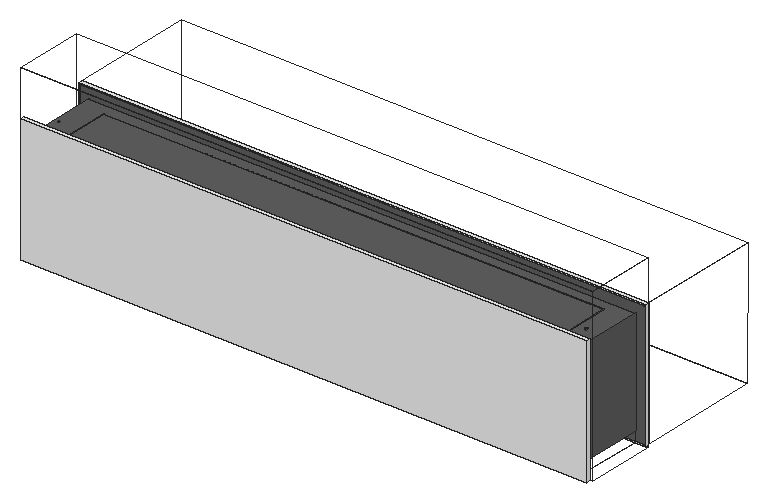
Revit family "AIRTECNICS_AIR CURTAIN_ZEN_DX-VRF_(LG)123", category Mechanical Equipment, Revit 2016
Family settings
  Part Type = Normal
  Round Connector Dimension = Use Diameter
  OmniClass Number = 23.75.70.21.17
  OmniClass Title = Air Curtains
  Work Plane-Based = No
  Always vertical = Yes
  Cut with Voids When Loaded = No
  Shared = No
  Room Calculation Point = No
Parameters (values of type "ZEN ECG 2000 DX/VRF-LG")
  · POSITION · [instance] = "-/ Select Curtain Position /-"  # constant formula
  · PIPES POSITION · [instance] = "-/ Select Pipes Position /-"  # constant formula
  · OTHERS · [instance] = "-/ Select Supports - Inst.Maint. Space /-"  # constant formula
  · HEATING · [instance] = "-/ Select Heating /-"  # constant formula
  · EXTERNAL UNIT · [instance] = "-/ Select External Unit Type /-"  # constant formula
  · COIL ROWS · [instance] = "-/ Select DX Coil Rows /-"  # constant formula
  Weight [instance] = size_lookup(Name_Lookup_Data, "Weight", 1.00 kg, COD)  # 78.00 kg
  Voltage = 230 V  # constant formula
  URL_Manufacturer = "https://www.airtecnics.com/"
  URL_Datasheet = "https://www.airtecnics.com/download/file/5878/zen-dx-lg-1-1-and-vrf.pdf"
  Triple Phase (External Ut.) [instance] = yes
  Supports Length [instance] = 0.0 mm
  Supports (Horizontal) [instance] = if(and(Horizontal, Supports Length > 0.0 mm), 1 = 1, 1 = 0)  # no
  Single Phase (External Ut.) [instance] = not([Triple Phase (External Ut.)])  # no
  Revit Version = "Revit 2016 - English"  # constant formula
  Review Date = "10/2018"  # constant formula
  Remote Control = "-"  # constant formula
  URL = "https://www.airtecnics.com/products/heat-pump-air-curtain-zen-dx-for-lg"
  Refrigerant Pipes_P4 [instance] = no
  Refrigerant Pipes_P3 [instance] = no
  Refrigerant Pipes_P2 [instance] = if(or(Refrigerant Pipes_P1, Refrigerant Pipes_P3, Refrigerant Pipes_P4), 1 = 0, 1 = 1)  # yes
  Refrigerant Pipes_P1 [instance] = no
  REF [instance] = if(DX 1:1, 1, 0) + if(L = 1000.0 mm, 10, 0) + if(L = 1500.0 mm, 20, 0) + if(L = 2000.0 mm, 40, 0) + if(L = 2500.0 mm, 80, 0) + if([DX Coil Rows = 3], 100, 0) + if([Triple Phase (External Ut.)], 1000, 0)  # 1041
  Product Size = if(L = 1000.0 mm, "1000", if(L = 1500.0 mm, "1500", if(L = 2000.0 mm, "2000", "2500")))  # "2000"
  Product Reference [instance] = size_lookup(Name_Lookup_Ref, "", "Consult Manufacturer", COD)  # "ZEN ECG 2000 DX22-LG"
  Product Heating [instance] = if(DX 1:1, "Direct Expansion 1:1 system", "Direct Expansion VRF system")  # "Direct Expansion 1:1 system"
  Product Description [instance] = size_lookup(Name_Lookup_Data, "", "Consult Manufacturer", COD)  # "Decorative energy saving heat pump air curtain in contemporary architectural style: Up to 70% reduction in costs and CO2 emissions (heating mode).\r\nIts minimalist and smart design integrates in any environment and offers infinite options to customize.\r\nThe panels can include logos, lighting, signage, safety or information signs, graphics, pictures, clocks, all according to customer specifications.\r\nFront anodized aluminium panels. Optionally manufactured in brushed or mirror polished stainless steel. Other materials are possible, such as galvanized steel, smooth or texturated skinplate, wood, etc.\r\nCentral structure made of galvanized steel finished in black forge as standard. Other colours are available on request. \r\nAnodized aluminium outlet vanes, airfoil shaped, adjustable in both directions.\r\nDouble-inlet centrifugal fans driven by an external rotor motor and low noise level. 5-speed selector. EC models assembled with very low consumption efficiency fans. \r\nIncludes only heating direct expansion coil with installed temperature sensors.\r\nPlug&Play control panel CS-5DX-NE slave DX with 5 speeds selector and 7m telephone cable included.\r\nReady to connect to LG Inverter outdoor heat pump unit (R410A) with expansion valve, not included, the customer should purchase it.\r\nRequires PAHCMRA000 LG DX Interface KIT adapted for air curtain and PREMTB001 programmable control, please consult.\r\nAir Volume: 4380 m3/h \r\nFans:  0,426 kW  3,72 A 230Vx1 50/60Hz\r\nHeating capacity: 22,40 kW\r\nDimensions: 291x473x2120 mm (depth, height, length)\r\nNOT SUPPLIED BY AIRTÈCNICS:\r\nPAHCMRA000 Interface DX kit and PREMTB001 programmable control.\r\nExternal unit:\r\n UU70W U34External unit with direct expansion valve LG, triple phase motor 400Vx3 50Hz.\r\nHeating capacity 22,4kW. Heating power: 6,4kW. COP 3,5.\r\nCooling capacity 19kW. Cooling power 6,69kW. EER 2,84.\r\nCooling circuits 1\" - 3/8\".\r\nMinimum length 5m.\r\nMaximum length 75m.\r\nDesnivell màxim 30m."
  Power Fans Factor [instance] = 0.5  # constant formula
  Power Fans [instance] = size_lookup(Name_Lookup_Data, "Power Fans", 1 kW, COD)  # 0.426 kW
  Noise Level (dB(A)) [instance] = size_lookup(Name_Lookup_Data, "Noise Level (dB(A))", 1, COD)  # 63
  Name_Lookup_Ref_EU = "ZEN_(DX LG)_Ref-EU_Lookup"  # constant formula
  Name_Lookup_Ref = "ZEN_(DX LG)_Ref_Lookup"  # constant formula
  Name_Lookup_Data = "ZEN_(DX LG)_Data_Lookup"  # constant formula
  Model = "Air Curtain ZEN DX/VRF LG"  # constant formula
  Material Panels [instance] = AIRTECNICS_Alumium Anodized
  Material Grille = AIRTECNICS_Perforated_Black Forge
  Material Curtain [instance] = AIRTECNICS_Black Forge
  Mainfolds [instance] = if(and(L = 2500.0 mm, DX 1:1, [DX Coil Rows = 3]), "1'' & 3/8''", if(L = 2500.0 mm, "7/8'' & 1/2''", if(L = 2000.0 mm, "1'' & 3/8''", "5/8'' & 3/8''")))  # "1'' & 3/8''"
  Length = if(L = 1000.0 mm, 1220.0 mm, if(L = 1500.0 mm, 1620.0 mm, if(L = 2000.0 mm, 2120.0 mm, 2620.0 mm)))  # 2120.0 mm
  Height = 473.0 mm  # constant formula
  Gas Coil Volume [instance] = size_lookup(Name_Lookup_Data, "Gas Coil Volume", 1000.00 L, COD)  # 4.10 L
  G = 1 = 1  # yes
  Frequency = 50 Hz  # constant formula
  Fans Stage = 5  # constant formula
  Family Version = "1.0"  # constant formula
  External Ut. Reference [instance] = size_lookup(Name_Lookup_Ref_EU, "", "Consult Manufacturer", REF)  # "UU70W U34"
  Expansion Valve [instance] = if(DX VRF, "PRLK048A0", "Included on External Unit")  # "Included on External Unit"
  EC = 1 = 1  # yes
  Dn_Metric_Refrig_Liquid [instance] = if(and(L = 2500 mm, DX 1:1, [DX Coil Rows = 3]), 10 mm, if(L = 2500 mm, 15 mm, if(L = 2000 mm, 10 mm, 10 mm)))  # 10 mm
  Dn_Metric_Refrig_Gas [instance] = if(and(L = 2500 mm, DX 1:1, [DX Coil Rows = 3]), 25 mm, if(L = 2500 mm, 20 mm, if(L = 2000 mm, 20 mm, 16 mm)))  # 20 mm
  Depth = 291.0 mm  # constant formula
  DX VRF [instance] = no
  DX Kit [instance] = "PAHCMR000"  # constant formula
  DX Controller [instance] = "PREMTB001"  # constant formula
  DX Coil Rows = 4 [instance] = yes
  DX Coil Rows = 3 [instance] = if([DX Coil Rows = 4], 1 = 0, 1 = 1)  # no
  DX 1:1 [instance] = not(DX VRF)  # yes
  Current Fans [instance] = size_lookup(Name_Lookup_Data, "Current Fans", 1 A, COD)  # 3.72 A
  Created by = "BIMETRICAL"  # constant formula
  Control [instance] = "CS-5DX-NE"  # constant formula
  Capacity_Frig_Liquid [instance] = 0.0 L/s
  Capacity_Frig_Gas [instance] = 0.0 L/s
  Cable = "CB7"  # constant formula
  COD [instance] = if(DX 1:1, 1, 0) + if(L = 1000.0 mm, 10, 0) + if(L = 1500.0 mm, 20, 0) + if(L = 2000.0 mm, 40, 0) + if(L = 2500.0 mm, 80, 0) + if([DX Coil Rows = 3], 100, 0)  # 41
  Aspiration/Maintenance Space [instance] = yes
  Apparent Load [instance] = size_lookup(Name_Lookup_Data, "Apparent Load", 1 VA, COD)  # 852 VA
  Airflow [instance] = size_lookup(Name_Lookup_Data, "Airflow", 1 m³/h, COD)  # 4380 m³/h
  A [instance] = if(Horizontal, 236.5 mm, 0.0 mm)  # 236.5 mm
  L = 2000.0 mm
  Type Image = <None>
  IfcExportType = "DXCOOLINGCOIL"  # constant formula
  IfcExportAs = "IfcCoilType"  # constant formula
  Horizontal [instance] = 1 = 1  # yes
  Manufacturer = "AIRTECNICS"  # constant formula
  Description = ""
  Type Comments = "Decorative air curtain in contemporary architectural style. Its minimalist and smart design integrates in any environment and offers infinite options to customize.\r\nThe panels can include logos, lighting, signage, safety or information signs, graphics, pictures, clocks, all according to customer specifications.\r\nFront anodized aluminium panels. Optionally manufactured in brushed or mirror polished stainless steel. Other materials are possible, such as galvanized steel, smooth or texturated skinplate, wood, etc.\r\nCentral structure made of galvanized steel finished in black forge as standard. Other colours are available on request.\r\nAnodized aluminium outlet vanes, airfoil shaped, adjustable in both directions.\r\nDouble-inlet centrifugal fans driven by an external rotor motor and low noise level. 5-speed selector. EC models assembled with very low consumption efficiency fans.\r\n“P” type with water heated coil. “E” type with electrical shielded elements, three stages with integrated regulation. “A” type without heating, air only. Optional expansion DX coil.\r\nIncludes Plug&Play control with 7m RJ45 cable and infrared remote control. Optional: Clever control (programmable, automatic, intelligent, energy saving, Modbus RTU for BMS…)"  # constant formula
  BIMETRICAL Category = "Coil"  # constant formula
  BIMETRICAL = "http://www.bimetrical.com"  # constant formula
  Angle [instance] = if(Horizontal, 0.00°, 90.00°)  # 0.00°
Reference planes
  plane 1 "Centro (Frontal/Posterior)": z = 0
  plane 2: y = 246.57
  plane 3 "Centro (Izquierda/Derecha)": x = 0
  plane 4 "Susp": z = 236.5
Lines and regions (mm)
  reference lines
    curve 1: line (0, 246.57, 236.5) -> (-145, 246.57, 236.5)
Dimensions and locks
  locked: plane 2 to nested 1 at 145.5
  "A": plane 4 "Susp" to plane 1 "Centro (Frontal/Posterior)"
  "Angle": angle plane 4 "Susp" to curve 1
  aligned and locked: plane 3 "Centro (Izquierda/Derecha)" to curve 1
  aligned and locked: plane 4 "Susp" to curve 1
Nested families
  nested 1: "GEOM_ZEN_(DX)" at (0, 246.57, 236.5) x (0, 0, -1) z (1, 0, 0), type "GEOM_ZEN_(P)"
    with M 2066.5 mm, J 1014.0 mm, G 1022.0 mm, Dn_Metric_Refrig_Liquid 10 mm, COD 424, L 2000.0 mm, I 2044.0 mm, F 1990.0 mm, E 2120.0 mm, A 2015.0 mm
Connectors
  electrical at (-1007.5, 215.07, 433), driven by "Apparent Load", driven by "Voltage", driven by "Power Fans Factor", driven by "Apparent Load"
    settings: on nested 1, index 3, voltage 230 V, apparent load 852 VA, apparent load phase1 852 VA, apparent load phase2 0 VA, apparent load phase3 0 VA, power factor 0.5, load classification "HVAC", number of poles 1, system type 30, power factor state 1, is connector primary yes, connector utility no, sub classification motor no, connector description ""
  piping at (967, 155.07, 433), diameter 20, driven by "Dn_Metric_Refrig_Gas", driven by "Capacity_Frig_Gas"
    settings: on nested 1, index 4, connector inside diameter 609.6 mm, connector length 0.0 mm, flow factor 0, pipe flow 0.0 L/s, pressure drop 0.0 Pa, fitting loss kfactor 0, connector angle 0.00°, fixture units 0, engagement length 0.0 mm, angle of deflection 0.00°, flow configuration 1, flow direction 1, fitting loss method 0, system type 7, joint type 0, gender type 0, connector reference index -1, connector utility 0, adjustable connector no, is connector primary yes, connector description "In"
  piping at (967, 215.07, 433), diameter 10, driven by "Dn_Metric_Refrig_Liquid", driven by "Capacity_Frig_Liquid"
    settings: on nested 1, index 5, connector inside diameter 609.6 mm, connector length 0.0 mm, flow factor 0, pipe flow 0.0 L/s, pressure drop 0.0 Pa, fitting loss kfactor 0, connector angle 0.00°, fixture units 0, engagement length 0.0 mm, angle of deflection 0.00°, flow configuration 1, flow direction 2, fitting loss method 0, system type 8, joint type 0, gender type 0, connector reference index -1, connector utility 0, adjustable connector no, is connector primary no, connector description "Out"
Definition of nested family "GEOM_ZEN_(DX)"
  Parameters (values of type "GEOM_ZEN_(DX)")
    des.D = if(or(and(Vertical Right, V1), Horizontal), 361.0 mm, 0.0 mm)  # 361.0 mm
    des.C = if(or(and(Vertical Right, V1), Horizontal), 0.0 mm, 392.0 mm)  # 0.0 mm
    des.B = if(or(and(Vertical Right, V1), Horizontal), 0.0 mm, 298.3 mm)  # 0.0 mm
    Z = if(Horizontal, 0.0 mm, if(L = 1000.0 mm, E / 2 + 18.0 mm, E / 2 + 20.0 mm))  # 830.0 mm
    Vsup1 = if(and(Vsup, Horizontal, L_Sup > 0.0 mm), 1 = 1, 1 = 0)  # no
    Vsup = no
    Vs2 = if(L > 2000.0 mm, 1 = 1, 1 = 0)  # no
    Vs1 = if(L > 1000.0 mm, 1 = 1, 1 = 0)  # yes
    Vinst2 = if(or(Vinst1, not([Aspiration/Maintenance Space])), 1 = 0, 1 = 1)  # yes
    Vinst1 = if(and([Aspiration/Maintenance Space], V2), 1 = 1, 1 = 0)  # no
    Vertical Right = yes
    Vertical Left = if(Vertical Right, 1 = 0, 1 = 1)  # no
    Vertical = if(and(not(Horizontal), or(Vertical Right, Vertical Left)), 1 = 1, 1 = 0)  # yes
    V2 = if(Horizontal, 1 = 0, if(or(Horizontal, Vertical Left), 1 = 1, 1 = 0))  # no
    V1 = if(Horizontal, 1 = 1, if(and(Vertical Right, Vertical), 1 = 1, 1 = 0))  # yes
    Revit Version = "Revit 2016 - English"  # constant formula
    Review Date = "10/18"  # constant formula
    Refrigerant Pipes_P4 = no
    Refrigerant Pipes_P3 = no
    Refrigerant Pipes_P2 = yes
    Refrigerant Pipes_P1 = no
    O = if(L = 1000.0 mm, 54.5 mm, 52.5 mm)  # 52.5 mm
    Model = "ZEN DX"  # constant formula
    Material Perforated = none
    Material Panels = none
    Material Curtain = none
    Family Version = "2.0"  # constant formula
    Manufacturer = "AIRTECNICS"  # constant formula
    M = if(L = 1000.0 mm, L + 162.5 mm, L + 66.5 mm)  # 1566.5 mm
    Lookup_Dimensions.C2_Name = "C2_Dimensions_Lookup"  # constant formula
    Lookup_Dimensions.C1_Name = "C1_Dimensions_Lookup"  # constant formula
    L_Sup = 0.0 mm
    K = if(L = 2500.0 mm, 833.0 mm, 0.0 mm)  # 0.0 mm
    J = if(L = 1500.0 mm, 764.0 mm, if(L = 2000.0 mm, 1014.0 mm, if(L = 2500.0 mm, 847.0 mm, 573.5 mm)))  # 764.0 mm
    H = des.A + 51.0 mm  # 428.5 mm
    G = if(Vertical, I + 58.0 mm, F / 2 + 27.0 mm)  # 1602.0 mm
    Dn_Metric_Refrig_Liquid = 20 mm
    Dn_Metric_Refrig_Gas = 20 mm
    Created by = "BIMETRICAL"  # constant formula
    COD = if(and(Vertical Right, Vertical), 1, 0) + if(and(Vertical Left, Vertical), 2, 0) + if(Horizontal, 4, 0) + if(Refrigerant Pipes_P1, 10, 0) + if(Refrigerant Pipes_P2, 20, 0) + if(Refrigerant Pipes_P3, 40, 0) + if(Refrigerant Pipes_P4, 80, 0) + if(L = 1000.0 mm, 100, 0) + if(L = 1500.0 mm, 200, 0) + if(L = 2000.0 mm, 400, 0) + if(L = 2500.0 mm, 800, 0)  # 221
    C2_D = size_lookup(Lookup_Dimensions.C2_Name, "C2_D", 98.0 mm, COD)  # 98.0 mm
    C2_C = size_lookup(Lookup_Dimensions.C2_Name, "C2_C", 34.5 mm, COD)  # 34.5 mm
    C2_B = size_lookup(Lookup_Dimensions.C2_Name, "C2_B", 34.5 mm, COD)  # 34.5 mm
    C2_A = size_lookup(Lookup_Dimensions.C2_Name, "C2_A", 55.0 mm, COD)  # 55.0 mm
    C1_D = size_lookup(Lookup_Dimensions.C1_Name, "C1_D", 38.0 mm, COD)  # 38.0 mm
    C1_C = size_lookup(Lookup_Dimensions.C1_Name, "C1_C", 34.5 mm, COD)  # 34.5 mm
    C1_B = size_lookup(Lookup_Dimensions.C1_Name, "C1_B", 34.5 mm, COD)  # 34.5 mm
    C1_A = size_lookup(Lookup_Dimensions.C1_Name, "C1_A", 55.0 mm, COD)  # 55.0 mm
    L = 1500.0 mm
    des.A = if(or(and(Vertical Right, V1), Horizontal), 377.5 mm, 0.0 mm)  # 377.5 mm
    I = if(L = 1000.0 mm, L + 140.0 mm, L + 44.0 mm)  # 1544.0 mm
    Horizontal = no
    F = I - 54.0 mm  # 1490.0 mm
    E = if(L = 1000.0 mm, L + 220.0 mm, L + 120.0 mm)  # 1620.0 mm
    Default Elevation = 1219.2 mm
    BIMETRICAL = "http://www.bimetrical.com/"  # constant formula
    Aspiration/Maintenance Space = yes
    A.Conn_S = if(or(and(Vertical Right, V1), Horizontal), 180.00°, 0.00°)  # 180.00°
    A.Conn_E = if(or(and(Vertical Right, V1), Horizontal), 180.00°, 0.00°)  # 180.00°
    A.Conn_2 = size_lookup(Lookup_Dimensions.C2_Name, "A.Conn_2", 0.00°, COD)  # 0.00°
    A.Conn_1 = size_lookup(Lookup_Dimensions.C1_Name, "A.Conn_1", 0.00°, COD)  # 0.00°
    A = if(L = 1000.0 mm, L + 115.0 mm, L + 15.0 mm)  # 1515.0 mm
  Types (2, lengths in mm): name | Z | Vertical Right | Vertical Left | Vertical | G | COD | Horizontal
    GEOM_ZEN_(DX) | 830.0 | yes | no | yes | 1602.0 | 221 | no
    GEOM_ZEN_(P) | 0.0 | no | yes | no | 772.0 | 224 | yes
  Reference planes
    plane 1 "Centro (Frontal/Posterior)": y = 0
    plane 2: z = 0
    plane 3 "Centro (Izquierda/Derecha)": x = 0
    plane 4: z = 830
    plane 5: y = -73.25
    plane 6: x = -196.5
    plane 7: z = 1547
    plane 8 "TUBERIA 1": y = -91.5
    plane 9: z = 1602
    plane 10 "TUBERIA 2": x = -162
    plane 11: x = -196.5
    plane 12: y = -129.5
    plane 13: x = 181
    plane 14: x = 196.495
    plane 15: x = -162
    plane 16: z = 1547
    plane 17: y = -31.5
    plane 18: z = 2639.027
    plane 19: z = 20
    plane 20: z = 1639
    plane 21: z = 838
    plane 22: z = 838
    plane 23: z = 72.5
    plane 24: y = -31.5
    plane 25: y = -91.5
  Forms (mm)
    Extrusion 1, solid
      sketch origin (0, 0, 0) x (1, 0, 0) y (0, 1, 0)
        loop
          line (-1219.2, 1219.2) -> (-1219.2, -1219.2) -> (1219.2, -1219.2) -> (1219.2, 1219.2) -> (-1219.2, 1219.2)
      from 0 to -304.8
    Extrusion 2, solid, material <- "Material Panels"
      sketch origin (0, 0, 889.252) x (0, -1, 0) y (1, 0, 0)
        loop
          line (-145.5, 236.5) -> (-145.5, -236.5) -> (-129.5, -236.5) -> (-129.5, 236.5) -> (-145.5, 236.5)
        loop
          line (145.5, 236.5) -> (129.5, 236.5) -> (129.5, -236.5) -> (145.5, -236.5) -> (145.5, 236.5)
      from -869.252 to 750.748
    Extrusion 3, solid, material <- "Material Curtain"
      sketch origin (0, 0, 889.252) x (0, -1, 0) y (0, 0, 1)
        loop
          line (-129.5, 712.748) -> (-129.5, -831.252) -> (129.5, -831.252) -> (129.5, 712.748) -> (-129.5, 712.748)
      from -196.5 to 196.5
    Extrusion 4, void, detail levels medium+fine
      sketch origin (-64.7, -73.5, 0) x (1, 0, 0) y (0, 1, 0)
        loop
          line (261.195, -34.75) -> (261.195, 35.25) -> (245.7, 35.25) -> (245.7, -34.75) -> (261.195, -34.75)
      from 85 to 1575
    Extrusion 5, solid, visible <- "V1", detail levels medium+fine
      sketch origin (0, 0, 1310) x (0, -1, 0) y (-1, 0, 0)
        loop
          line (58.464, -173.27) -> (61.756, -192)
          arc (61.756, -192) -> (63.451, -193.452) -> (65.121, -191.97) r 1.698
          line (65.121, -191.97) -> (68.095, -172.627)
          arc (68.095, -172.627) -> (62.951, -168.018) -> (58.464, -173.27) r 4.828
        loop
          line (78.553, -172.822) -> (81.504, -192.726)
          arc (81.504, -192.726) -> (83.138, -193.439) -> (84.08, -191.926) r 1.363
          line (84.08, -191.926) -> (87.529, -172.626)
          arc (87.529, -172.626) -> (82.938, -168.001) -> (78.553, -172.822) r 4.495
      from -265 to 1225
    Extrusion 6, solid, visible <- "V2", detail levels medium+fine
      sketch origin (0, 0, 1310) x (0, 1, 0) y (1, 0, 0)
        loop
          arc (-58.774, -173.603) -> (-59.776, -170.312) -> (-62.811, -168.693) r 4.495
          line (-62.811, -168.693) -> (-63.684, -168.693)
          arc (-63.684, -168.693) -> (-66.482, -170.045) -> (-67.734, -172.889) r 4.495
          line (-67.734, -172.889) -> (-64.759, -192.231)
          arc (-64.759, -192.231) -> (-63.451, -193.452) -> (-62.062, -192.325) r 1.363
          line (-62.062, -192.325) -> (-58.774, -173.603)
        loop
          arc (-84.395, -192.262) -> (-83.058, -193.451) -> (-81.696, -192.291) r 1.363
          line (-81.696, -192.291) -> (-78.88, -173.603)
          arc (-78.88, -173.603) -> (-79.882, -170.312) -> (-82.917, -168.693) r 4.495
          line (-82.917, -168.693) -> (-83.79, -168.693)
          arc (-83.79, -168.693) -> (-86.614, -170.073) -> (-87.844, -172.966) r 4.495
          line (-87.844, -172.966) -> (-84.395, -192.262)
      from -265 to 1225
    Extrusion 7, solid, material <- "Material Curtain", visible <- "Vertical"
      sketch origin (-779.074, -4572, 1549) x (-1, 0, 0) y (0, -1, 0)
        loop
          line (-586.574, -4698.5) -> (-586.574, -4445.5) -> (-971.574, -4445.5) -> (-971.574, -4698.5) -> (-586.574, -4698.5)
      from -1491 to -1549
    Extrusion 8, void
      sketch origin (0, 0, 0) x (1, 0, 0) y (0, 1, 0)
        loop
          line (-235.5, -129.5) -> (-235.5, -130.5) -> (235.5, -130.5) -> (235.5, -129.5) -> (-235.5, -129.5)
        loop
          line (-235.5, 129.5) -> (235.5, 129.5) -> (235.5, 130.5) -> (-235.5, 130.5) -> (-235.5, 129.5)
      from 21.044 to 1639.012
    Extrusion 9, void, detail levels medium+fine
      sketch origin (0, -0.321, 0) x (0, 1, 0) y (0, 0, 1)
        loop
          line (-102.318, 1514.4) -> (-102.318, 145.6) -> (90.521, 145.6) -> (90.521, 1514.4) -> (-102.318, 1514.4)
      from -101.8 to -196.5
    Extrusion 10, solid, material <- "Material Perforated"
      sketch origin (-60, 0, 0) x (0, 1, 0) y (0, 0, 1)
        loop
          line (-102.639, 1514.4) -> (-102.639, 145.6) -> (90.2, 145.6) -> (90.2, 1514.4) -> (-102.639, 1514.4)
      from -136.5 to -135.5
    Extrusion 11, solid, detail levels medium+fine
      sketch origin (-64.7, -73.5, 1575) x (0, 1, 0) y (1, 0, 0)
        loop
          line (16.25, 261.2) -> (-15.75, 261.2) -> (-15.75, 229.2) -> (16.25, 229.2) -> (16.25, 261.2)
      from 0 to 3
    Extrusion 12, solid, detail levels medium+fine
      sketch origin (-64.7, -73.5, 85) x (1, 0, 0) y (0, 1, 0)
        loop
          line (229.2, 16.25) -> (229.2, -15.75) -> (261.2, -15.75) -> (261.2, 16.25) -> (229.2, 16.25)
      from 0 to 3
    Extrusion 13, solid, visible <- "Vs1", detail levels medium+fine
      sketch origin (0, -702.852, 838) x (0, -1, 0) y (1, 0, 0)
        loop
          line (-645.602, 164.5) -> (-613.602, 164.5) -> (-613.602, 196.5) -> (-645.602, 196.5) -> (-645.602, 164.5)
      from 0 to -3
    Extrusion 14, solid, material <- "Material Curtain", visible <- "Vs1", detail levels medium+fine
      sketch origin (0, -702.852, 835) x (1, 0, 0) y (0, -1, 0)
        loop
          line (196.5, -664.602) -> (196.5, -594.602) -> (164.5, -594.602) -> (164.5, -664.602) -> (196.5, -664.602)
      from 0 to 10
    Extrusion 15, solid, visible <- "Vs1", detail levels medium+fine
      sketch origin (0, -702.852, 825) x (0, 1, 0) y (1, 0, 0)
        loop
          line (645.602, 164.5) -> (645.602, 196.5) -> (613.602, 196.5) -> (613.602, 164.5) -> (645.602, 164.5)
      from 0 to 3
    Extrusion 16, solid, visible <- "Vs2", detail levels medium+fine
      sketch origin (0, -702.852, 838) x (0, -1, 0) y (1, 0, 0)
        loop
          line (-645.602, 164.5) -> (-613.602, 164.5) -> (-613.602, 196.5) -> (-645.602, 196.5) -> (-645.602, 164.5)
      from 0 to -3
    Extrusion 17, solid, material <- "Material Curtain", visible <- "Vs2", detail levels medium+fine
      sketch origin (0, -702.852, 835) x (1, 0, 0) y (0, -1, 0)
        loop
          line (164.5, -664.602) -> (196.5, -664.602) -> (196.5, -594.602) -> (164.5, -594.602) -> (164.5, -664.602)
      from 0 to 10
    Extrusion 18, solid, visible <- "Vs2", detail levels medium+fine
      sketch origin (0, -702.852, 825) x (0, 1, 0) y (1, 0, 0)
        loop
          line (645.602, 164.5) -> (645.602, 196.5) -> (613.602, 196.5) -> (613.602, 164.5) -> (645.602, 164.5)
      from 0 to 3
    Extrusion 19, solid, material <- "Material Curtain"
      sketch origin (-196.5, -31.5, 72.5) x (0, 0, 1) y (0, 1, 0)
        loop
          line (2.5, -2.5) -> (2.5, 2.5) -> (-2.5, 2.5) -> (-2.5, -2.5) -> (2.5, -2.5)
      from 0 to -1
    Extrusion 20, solid, visible <- "Vsup1"
      sketch origin (-196.5, -101, 1255.5) x (0, 0, 1) y (0, 1, 0)
        loop
          circle (332, 202) r 4
        loop
          circle (332, 0) r 4
        loop
          circle (-1183, 0) r 4
        loop
          circle (-1183, 202) r 4
      from -1 to 0
    Extrusion 21, solid, visible <- "Vinst2"
      sketch origin (0, -31.5, 92.379) x (0, 0, 1) y (1, 0, 0)
        loop
          line (1509.621, 236.5) -> (1509.621, -196.5) -> (-34.379, -196.5) -> (-34.379, 236.5) -> (-82.379, 236.5) -> (-82.379, -398.063) -> (1557.621, -398.063) -> (1557.621, 236.5) -> (1509.621, 236.5)
      from -98 to 161
    Extrusion 22, solid, visible <- "Vinst1"
      sketch origin (0, -31.5, 92.379) x (0, 0, 1) y (1, 0, 0)
        loop
          line (1509.621, -236.5) -> (1557.621, -236.5) -> (1557.621, 398.063) -> (-82.379, 398.063) -> (-82.379, -236.5) -> (-34.379, -236.5) -> (-34.379, 196.5) -> (1509.621, 196.5) -> (1509.621, -236.5)
      from -98 to 161
    Extrusion 23, solid, visible <- "Aspiration/Maintenance Space"
      sketch origin (0, 0, 1640) x (0, -1, 0) y (1, 0, 0)
        loop
          line (-129.5, 236.5) -> (-609.5, 236.5) -> (-609.5, -236.5) -> (-129.5, -236.5) -> (-129.5, 236.5)
      from 0 to -1620
    Extrusion 24, solid, material <- "Material Curtain"
      sketch origin (-196.5, -31.5, 1547) x (0, 1, 0) y (0, 0, -1)
        loop
          circle (0, 0) r 10
      from 0 to -1
    Extrusion 25, solid, material <- "Material Curtain"
      sketch origin (-196.5, -91.5, 1547) x (0, 1, 0) y (0, 0, -1)
        loop
          circle (0, 0) r 10
      from 0 to -1
    Extrusion 26, solid, material <- "Material Curtain"
      sketch origin (0, 0, 1639.012) x (0, 1, 0) y (1, 0, 0)
        loop
          line (130.5, 235.5) -> (129.5, 235.5) -> (129.5, -235.5) -> (130.5, -235.5) -> (130.5, 235.5)
        loop
          line (-129.5, 235.5) -> (-130.5, 235.5) -> (-130.5, -235.5) -> (-129.5, -235.5) -> (-129.5, 235.5)
      from 0 to 1617.967
  Cuts and joins
    Extrusion 4, Extrusion 8 cuts Extrusion 2
    Extrusion 4, Extrusion 9 cuts Extrusion 3
  Lines and regions (mm)
    reference lines
      curve 1: line (-162, -31.5, 1547) -> (-196.5, -31.5, 1547)
      curve 2: line (-196.5, -31.5, 72.5) -> (0, -31.5, 72.5)
      curve 3: line (-196.5, -101, 1255.5) -> (0, -101, 1255.5)
      curve 83: line (-162, -91.5, 1547) -> (-196.5, -91.5, 1547)
    symbolic lines
      curve 4: line (-236.5, 145.5, 1255.5) -> (236.5, 145.5, 1255.5)
      curve 5: line (-236.5, 129.5, 1255.5) -> (-236.5, 145.5, 1255.5)
      curve 6: line (236.5, 129.5, 1255.5) -> (-236.5, 129.5, 1255.5)
      curve 7: line (236.5, 145.5, 1255.5) -> (236.5, 129.5, 1255.5)
      curve 8: line (-196.5, 129.5, 1255.5) -> (196.5, 129.5, 1255.5)
      curve 9: line (-196.5, -129.5, 1255.5) -> (-196.5, 129.5, 1255.5)
      curve 10: line (196.5, -129.5, 1255.5) -> (-196.5, -129.5, 1255.5)
      curve 11: line (196.5, 129.5, 1255.5) -> (196.5, -129.5, 1255.5)
      curve 12: line (-236.5, -145.5, 1255.5) -> (236.5, -145.5, 1255.5)
      curve 13: line (-236.5, -129.5, 1255.5) -> (-236.5, -145.5, 1255.5)
      curve 14: line (236.5, -129.5, 1255.5) -> (-236.5, -129.5, 1255.5)
      curve 15: line (236.5, -145.5, 1255.5) -> (236.5, -129.5, 1255.5)
      curve 16: line (0, 145.5, 1640) -> (0, 129.5, 1640)
      curve 17: line (0, 145.5, 20) -> (0, 145.5, 1640)
      curve 18: line (0, 129.5, 20) -> (0, 145.5, 20)
      curve 19: line (0, 129.5, 1640) -> (0, 129.5, 20)
      curve 20: line (0, -145.5, 1640) -> (0, -129.5, 1640)
      curve 21: line (0, -145.5, 20) -> (0, -145.5, 1640)
      curve 22: line (0, -129.5, 20) -> (0, -145.5, 20)
      curve 23: line (0, -129.5, 1640) -> (0, -129.5, 20)
      curve 24: line (0, -129.5, 1602) -> (0, 129.5, 1602)
      curve 25: line (0, -129.5, 58) -> (0, -129.5, 1602)
      curve 26: line (0, 129.5, 58) -> (0, -129.5, 58)
      curve 27: line (0, 129.5, 1602) -> (0, 129.5, 58)
      curve 70: line (0, -58.444, 1575) -> (0, -68.095, 1575)
      curve 71: line (0, -58.444, 85) -> (0, -58.444, 1575)
      curve 72: line (0, -68.095, 85) -> (0, -58.444, 85)
      curve 73: line (0, -68.095, 1575) -> (0, -68.095, 85)
      curve 74: line (0, -78.541, 1575) -> (0, -87.838, 1575)
      curve 75: line (0, -78.541, 85) -> (0, -78.541, 1575)
      curve 76: line (0, -87.838, 85) -> (0, -78.541, 85)
      curve 77: line (0, -87.838, 1575) -> (0, -87.838, 85)
    symbolic lines, visible <- "Vertical"
      curve 28: line (0, 126.5, 0) -> (0, -126.5, 0)
      curve 29: line (0, 126.5, 58) -> (0, 126.5, 0)
      curve 30: line (0, -126.5, 58) -> (0, 126.5, 58)
      curve 31: line (0, -126.5, 0) -> (0, -126.5, 58)
    symbolic lines, visible <- "Aspiration/Maintenance Space"
      curve 32: line (-236.5, 129.5, 1255.5) -> (236.5, 129.5, 1255.5)
      curve 33: line (-236.5, 609.5, 1255.5) -> (-236.5, 129.5, 1255.5)
      curve 34: line (236.5, 609.5, 1255.5) -> (-236.5, 609.5, 1255.5)
      curve 35: line (236.5, 129.5, 1255.5) -> (236.5, 609.5, 1255.5)
      curve 44: line (0, 129.5, 1640) -> (0, 609.5, 1640)
      curve 45: line (0, 129.5, 20) -> (0, 129.5, 1640)
      curve 46: line (0, 609.5, 20) -> (0, 129.5, 20)
      curve 47: line (0, 609.5, 1640) -> (0, 609.5, 20)
    symbolic lines, visible <- "Vinst1"
      curve 36: line (196.5, 129.5, 1255.5) -> (398.063, 129.5, 1255.5)
      curve 37: line (196.5, -129.5, 1255.5) -> (196.5, 129.5, 1255.5)
      curve 38: line (398.063, -129.5, 1255.5) -> (196.5, -129.5, 1255.5)
      curve 39: line (398.063, 129.5, 1255.5) -> (398.063, -129.5, 1255.5)
      curve 48: line (-236.5, -31.5, 1650) -> (398.063, -31.5, 1650)
      curve 49: line (398.063, -31.5, 1650) -> (398.063, -31.5, 10)
      curve 50: line (398.063, -31.5, 10) -> (-236.5, -31.5, 10)
      curve 84: line (-236.5, -91.5, 1640) -> (-236.5, -91.5, 1650)
      curve 85: line (-236.5, -91.5, 10) -> (-236.5, -91.5, 20)
    symbolic lines, visible <- "Vinst2"
      curve 40: line (-398.063, 129.5, 1255.5) -> (-196.5, 129.5, 1255.5)
      curve 41: line (-398.063, -129.5, 1255.5) -> (-398.063, 129.5, 1255.5)
      curve 42: line (-196.5, -129.5, 1255.5) -> (-398.063, -129.5, 1255.5)
      curve 43: line (-196.5, 129.5, 1255.5) -> (-196.5, -129.5, 1255.5)
      curve 51: line (236.5, -31.5, 10) -> (-398.063, -31.5, 10)
      curve 52: line (-398.063, -31.5, 10) -> (-398.063, -31.5, 1650)
      curve 53: line (-398.063, -31.5, 1650) -> (236.5, -31.5, 1650)
      curve 78: line (236.5, -31.5, 10) -> (236.5, -31.5, 20)
      curve 86: line (236.5, -91.5, 2650) -> (236.5, -91.5, 2642)
      curve 87: line (236.5, -91.5, 1640) -> (236.5, -91.5, 1650)
    symbolic lines, visible <- "V2"
      curve 54: arc (-173.603, -58.774, 1255.5) -> (-168.686, -62.891, 1255.5) -> (-172.889, -67.734, 1255.5) r 4.495
      curve 55: arc (-192.231, -64.759, 1255.5) -> (-193.452, -63.451, 1255.5) -> (-192.325, -62.062, 1255.5) r 1.363
      curve 56: arc (-173.494, -78.864, 1255.5) -> (-168.679, -83.098, 1255.5) -> (-172.998, -87.838, 1255.5) r 4.495
      curve 57: arc (-192.262, -84.395, 1255.5) -> (-193.451, -83.058, 1255.5) -> (-192.291, -81.696, 1255.5) r 1.363
      curve 58: line (-172.889, -67.734, 1255.5) -> (-192.231, -64.759, 1255.5)
      curve 59: line (-192.325, -62.062, 1255.5) -> (-173.603, -58.774, 1255.5)
      curve 60: line (-172.998, -87.838, 1255.5) -> (-192.262, -84.395, 1255.5)
      curve 61: line (-192.291, -81.696, 1255.5) -> (-173.494, -78.864, 1255.5)
    symbolic lines, visible <- "V1"
      curve 62: arc (173.27, -58.464, 1255.5) -> (168.018, -62.951, 1255.5) -> (172.627, -68.095, 1255.5) r 4.828
      curve 63: arc (191.97, -65.121, 1255.5) -> (193.452, -63.451, 1255.5) -> (192, -61.756, 1255.5) r 1.698
      curve 64: arc (172.822, -78.553, 1255.5) -> (168.001, -82.938, 1255.5) -> (172.626, -87.529, 1255.5) r 4.495
      curve 65: arc (191.926, -84.08, 1255.5) -> (193.439, -83.138, 1255.5) -> (192.726, -81.504, 1255.5) r 1.363
      curve 66: line (172.627, -68.095, 1255.5) -> (191.97, -65.121, 1255.5)
      curve 67: line (192, -61.756, 1255.5) -> (173.27, -58.464, 1255.5)
      curve 68: line (172.626, -87.529, 1255.5) -> (191.926, -84.08, 1255.5)
      curve 69: line (192.726, -81.504, 1255.5) -> (172.822, -78.553, 1255.5)
    symbolic lines, visible <- "Vsup1"
      curve 79: circle (0, 101, 1587.5) r 4 normal (1, 0, 0)
      curve 80: circle (0, -101, 1587.5) r 4 normal (1, 0, 0)
      curve 81: circle (0, 101, 72.5) r 4 normal (1, 0, 0)
      curve 82: circle (0, -101, 72.5) r 4 normal (1, 0, 0)
  Dimensions and locks
    Extrusion 2 sketch curve to Extrusion 2 sketch curve = 473.0 mm  (x2)
    Extrusion 3 sketch curve to Extrusion 3 sketch curve = 1544.0 mm
    locked: Extrusion 3 to Extrusion 3 at 393
    "E": Extrusion 2 to Extrusion 2
    equal spacing: Extrusion 2, plane 4, Extrusion 2
    equal spacing: Extrusion 3, plane 4, Extrusion 3
    "I": Extrusion 3 to Extrusion 3
    locked: Extrusion 2 to Extrusion 2 at 473
    locked: Extrusion 2 to Extrusion 2 at 16  (x2)
    locked: Extrusion 2 to Extrusion 2 at 291
    "Z": plane 4 to level
    equal spacing: Extrusion 2, plane 3 "Centro (Izquierda/Derecha)", Extrusion 2
    equal spacing: Extrusion 3, plane 3 "Centro (Izquierda/Derecha)", Extrusion 3
    equal spacing: Extrusion 2, plane 1 "Centro (Frontal/Posterior)", Extrusion 2
    locked: plane 1 "Centro (Frontal/Posterior)" to plane 5 at 73.25
    equal spacing: Extrusion 6, plane 4, Extrusion 6
    "F": Extrusion 6 to Extrusion 6
    "C1_A": plane 9 to plane 7
    locked: plane 3 "Centro (Izquierda/Derecha)" to plane 11 at 196.5
    "C1_B": plane 11 to plane 10 "TUBERIA 2"
    locked: plane 1 "Centro (Frontal/Posterior)" to plane 12 at 129.5
    "G": plane 9 to level
    locked: plane 13 to plane 14 at 15.495
    locked: Extrusion 4 sketch curve to Extrusion 4 sketch curve at 70
    equal spacing: Extrusion 4 sketch curve, plane 5, Extrusion 4 sketch curve
    locked: Extrusion 7 to Extrusion 7 at 58
    locked: plane 11 to Extrusion 5 sketch curve at 364.507
    locked: plane 11 to Extrusion 5 sketch curve at 364.5
    locked: plane 11 to Extrusion 5 sketch curve at 389.952
    locked: plane 11 to Extrusion 5 sketch curve at 390
    "C2_B": plane 11 to plane 15
    "C2_A": plane 9 to plane 16
    "C2_D": plane 17 to plane 12
    "C2_C": curve 1 to curve 1
    locked: cut or joined group of Extrusion 2, Extrusion 4, Extrusion 8 to Extrusion 8 sketch curve at 1
    locked: Extrusion 8 sketch curve to cut or joined group of Extrusion 2, Extrusion 4, Extrusion 8 at 1
    plane 18 to cut or joined group of Extrusion 2, Extrusion 4, Extrusion 8 = 999.027 mm
    equal spacing: Extrusion 7, plane 1 "Centro (Frontal/Posterior)", Extrusion 7
    locked: Extrusion 7 to Extrusion 7 at 253
    equal spacing: Extrusion 7, plane 3 "Centro (Izquierda/Derecha)", Extrusion 7
    locked: Extrusion 7 to Extrusion 7 at 385
    locked: Extrusion 9 sketch curve to plane 9 at 87.6
    locked: Extrusion 9 sketch curve to cut or joined group of Extrusion 3, Extrusion 4, Extrusion 9 at 87.6
    locked: Extrusion 9 to Extrusion 9 at 94.7
    "des.B": plane 11 to Extrusion 9
    locked: Extrusion 10 to Extrusion 10 at 1
    "des.C": plane 11 to Extrusion 10
    locked: plane 9 to plane 20 at 37
    locked: cut or joined group of Extrusion 3, Extrusion 4, Extrusion 9 to plane 1 "Centro (Frontal/Posterior)" at 90.2
    locked: cut or joined group of Extrusion 3, Extrusion 4, Extrusion 9 to plane 1 "Centro (Frontal/Posterior)" at 102.639
    locked: Extrusion 11 sketch curve to Extrusion 11 sketch curve at 32  (x2)
    locked: Extrusion 11 sketch curve to plane 5 at 16
    locked: Extrusion 11 to cut or joined group of Extrusion 3, Extrusion 4, Extrusion 9 at 3
    locked: Extrusion 12 sketch curve to Extrusion 12 sketch curve at 32  (x2)
    locked: plane 5 to Extrusion 12 sketch curve at 16
    locked: cut or joined group of Extrusion 3, Extrusion 4, Extrusion 9 to Extrusion 12 at 3
    "des.D": cut or joined group of Extrusion 3, Extrusion 4, Extrusion 9 to Extrusion 11 sketch curve
    "des.D": plane 11 to Extrusion 12 sketch curve
    plane 9 to plane 4 to cut or joined group of Extrusion 3, Extrusion 4, Extrusion 9 = 772.0 mm, 772.0 mm
    "J": plane 9 to plane 21
    locked: Extrusion 13 sketch curve to Extrusion 13 sketch curve at 32  (x2)
    locked: plane 5 to Extrusion 13 sketch curve at 16
    locked: Extrusion 13 to plane 21 at 3
    "des.D": plane 11 to Extrusion 13 sketch curve
    locked: Extrusion 14 sketch curve to Extrusion 14 sketch curve at 32
    locked: Extrusion 14 sketch curve to plane 5 at 35
    locked: Extrusion 14 sketch curve to Extrusion 14 sketch curve at 70
    locked: Extrusion 14 to Extrusion 14 at 10
    locked: Extrusion 15 sketch curve to Extrusion 15 sketch curve at 32  (x2)
    locked: Extrusion 15 sketch curve to plane 5 at 16
    locked: Extrusion 15 to Extrusion 14 at 3
    locked: Extrusion 16 sketch curve to Extrusion 16 sketch curve at 32  (x2)
    locked: plane 5 to Extrusion 16 sketch curve at 16
    "des.D": plane 11 to Extrusion 16 sketch curve
    locked: Extrusion 16 to plane 22 at 3
    locked: Extrusion 17 sketch curve to Extrusion 17 sketch curve at 32
    locked: plane 5 to Extrusion 17 sketch curve at 35
    locked: Extrusion 17 sketch curve to Extrusion 17 sketch curve at 70
    locked: Extrusion 17 to Extrusion 17 at 10
    locked: Extrusion 18 to Extrusion 18 at 3
    "K": plane 21 to plane 22
    locked: plane 24 to cut or joined group of Extrusion 2, Extrusion 4, Extrusion 8 at 177
    locked: curve 2 to curve 2 at 196.5
    "M": plane 23 to plane 20
    "L_Sup": Extrusion 20 to cut or joined group of Extrusion 3, Extrusion 4, Extrusion 9
    cut or joined group of Extrusion 2, Extrusion 4, Extrusion 8 to Extrusion 20 sketch curve = 44.5 mm
    locked: Extrusion 20 sketch curve to cut or joined group of Extrusion 2, Extrusion 4, Extrusion 8 at 44.5  (x2)
    locked: cut or joined group of Extrusion 2, Extrusion 4, Extrusion 8 to Extrusion 20 sketch curve at 44.5
    locked: Extrusion 21 sketch curve to Extrusion 21 sketch curve at 48  (x2)
    locked: Extrusion 21 sketch curve to Extrusion 21 sketch curve at 634.563  (x2)
    locked: Extrusion 21 sketch curve to Extrusion 21 sketch curve at 201.563
    locked: Extrusion 22 sketch curve to Extrusion 22 sketch curve at 48  (x2)
    locked: Extrusion 22 sketch curve to Extrusion 22 sketch curve at 634.563  (x2)
    locked: Extrusion 22 sketch curve to Extrusion 22 sketch curve at 201.563
    locked: Extrusion 23 sketch curve to Extrusion 23 sketch curve at 480
    locked: plane 11 to curve 54 at 23.333
    locked: plane 11 to curve 56 at 23.333
    "C1_D": plane 25 to plane 12
    "des.A": plane 11 to plane 13
    plane 11 to Extrusion 6 sketch curve to Extrusion 6 sketch curve = 27.807 mm locked, 0.0 mm locked
    "C1_C": curve 83 to curve 83
    "O": cut or joined group of Extrusion 2, Extrusion 4, Extrusion 8 to Extrusion 20 sketch curve  (x4)
    locked: cut or joined group of Extrusion 2, Extrusion 4, Extrusion 8 to cut or joined group of Extrusion 2, Extrusion 4, Extrusion 8 at 1.044
    locked: cut or joined group of Extrusion 2, Extrusion 4, Extrusion 8 to cut or joined group of Extrusion 2, Extrusion 4, Extrusion 8 at 0.988
    "Dn_Metric_Refrig_Gas": diameter of Extrusion 25 sketch curve
    "Dn_Metric_Refrig_Liquid": diameter of Extrusion 24 sketch curve
    "A.Conn_2": angle plane 16 to curve 1
    "A.Conn_E": angle curve 2 to plane 24
    "A.Conn_1": angle plane 16 to curve 83
    aligned and locked: plane 2 to Extrusion 1
    aligned and locked: level to Extrusion 1
    aligned and locked: Extrusion 3 to Extrusion 2  (x2)
    aligned and locked: Extrusion 2 to Extrusion 2  (x2)
    aligned and locked: plane 14 to Extrusion 4 sketch curve  (x2)
    aligned and locked: cut or joined group of Extrusion 3, Extrusion 4, Extrusion 9 to Extrusion 6
    aligned and locked: cut or joined group of Extrusion 3, Extrusion 4, Extrusion 9 to Extrusion 5
    aligned and locked: Extrusion 6 to cut or joined group of Extrusion 3, Extrusion 4, Extrusion 9
    aligned and locked: Extrusion 5 to cut or joined group of Extrusion 3, Extrusion 4, Extrusion 9
    aligned and locked: plane 16 to curve 1
    aligned and locked: plane 15 to curve 1
    aligned and locked: cut or joined group of Extrusion 3, Extrusion 4, Extrusion 9 to Extrusion 10  (x3)
    aligned and locked: Extrusion 10 to cut or joined group of Extrusion 3, Extrusion 4, Extrusion 9
    aligned and locked: Extrusion 18 sketch curve to Extrusion 12  (x4)
    aligned and locked: plane 3 "Centro (Izquierda/Derecha)" to curve 2
    aligned and locked: plane 24 to curve 2
    aligned and locked: plane 3 "Centro (Izquierda/Derecha)" to curve 3
    aligned and locked: curve 4 to cut or joined group of Extrusion 2, Extrusion 4, Extrusion 8
    aligned and locked: curve 5 to cut or joined group of Extrusion 2, Extrusion 4, Extrusion 8
    aligned and locked: curve 6 to cut or joined group of Extrusion 2, Extrusion 4, Extrusion 8
    aligned and locked: curve 7 to cut or joined group of Extrusion 2, Extrusion 4, Extrusion 8
    aligned and locked: curve 8 to curve 6
    aligned and locked: curve 9 to cut or joined group of Extrusion 3, Extrusion 4, Extrusion 9
    aligned and locked: curve 10 to cut or joined group of Extrusion 3, Extrusion 4, Extrusion 9
    aligned and locked: curve 11 to cut or joined group of Extrusion 3, Extrusion 4, Extrusion 9
    aligned and locked: curve 12 to cut or joined group of Extrusion 2, Extrusion 4, Extrusion 8
    aligned and locked: curve 13 to cut or joined group of Extrusion 2, Extrusion 4, Extrusion 8
    aligned and locked: curve 14 to cut or joined group of Extrusion 2, Extrusion 4, Extrusion 8
    aligned and locked: curve 15 to cut or joined group of Extrusion 2, Extrusion 4, Extrusion 8
    aligned and locked: curve 16 to cut or joined group of Extrusion 2, Extrusion 4, Extrusion 8
    aligned and locked: curve 17 to cut or joined group of Extrusion 2, Extrusion 4, Extrusion 8
    aligned and locked: cut or joined group of Extrusion 2, Extrusion 4, Extrusion 8 to curve 18
    aligned and locked: curve 19 to cut or joined group of Extrusion 2, Extrusion 4, Extrusion 8
    aligned and locked: curve 20 to cut or joined group of Extrusion 2, Extrusion 4, Extrusion 8
    aligned and locked: curve 21 to cut or joined group of Extrusion 2, Extrusion 4, Extrusion 8
    aligned and locked: curve 22 to cut or joined group of Extrusion 2, Extrusion 4, Extrusion 8
    aligned and locked: curve 23 to cut or joined group of Extrusion 2, Extrusion 4, Extrusion 8
    aligned and locked: curve 24 to cut or joined group of Extrusion 3, Extrusion 4, Extrusion 9
    aligned and locked: curve 25 to curve 23
    aligned and locked: curve 26 to cut or joined group of Extrusion 3, Extrusion 4, Extrusion 9
    aligned and locked: curve 19 to curve 27
    aligned and locked: curve 28 to Extrusion 7
    aligned and locked: curve 29 to Extrusion 7
    aligned and locked: curve 30 to curve 26
    aligned and locked: curve 31 to Extrusion 7
    aligned and locked: Extrusion 21 sketch curve to plane 9
    aligned and locked: Extrusion 21 sketch curve to cut or joined group of Extrusion 3, Extrusion 4, Extrusion 9
    aligned and locked: Extrusion 21 to cut or joined group of Extrusion 2, Extrusion 4, Extrusion 8  (x2)
    aligned and locked: Extrusion 22 sketch curve to cut or joined group of Extrusion 3, Extrusion 4, Extrusion 9
    aligned and locked: Extrusion 22 to cut or joined group of Extrusion 2, Extrusion 4, Extrusion 8
    aligned and locked: Extrusion 23 to cut or joined group of Extrusion 2, Extrusion 4, Extrusion 8
    aligned and locked: curve 32 to curve 6
    aligned and locked: curve 35 to Extrusion 23
    aligned and locked: curve 33 to Extrusion 23
    aligned and locked: curve 8 to curve 36
    aligned and locked: curve 37 to curve 11
    aligned and locked: curve 38 to Extrusion 22
    aligned and locked: curve 39 to Extrusion 22
    aligned and locked: curve 41 to Extrusion 21
    aligned and locked: curve 10 to curve 42
    aligned and locked: curve 43 to curve 9
    aligned and locked: curve 40 to Extrusion 21
    aligned and locked: curve 44 to curve 16
    aligned and locked: curve 45 to curve 19
    aligned and locked: curve 46 to Extrusion 23
    aligned and locked: curve 49 to Extrusion 22
    aligned and locked: Extrusion 5 to curve 72
    aligned and locked: curve 73 to Extrusion 5
    aligned and locked: curve 70 to Extrusion 6
    aligned and locked: Extrusion 6 to curve 76
    aligned and locked: curve 74 to Extrusion 6
    aligned and locked: plane 13 to Extrusion 4 sketch curve
    aligned and locked: curve 48 to Extrusion 22
    aligned and locked: curve 53 to Extrusion 21
    aligned and locked: Extrusion 21 to curve 78
    aligned and locked: plane 10 "TUBERIA 2" to curve 83
    aligned and locked: plane 16 to curve 83
    aligned and locked: plane 25 to Extrusion 25 sketch curve
    aligned and locked: curve 79 to Extrusion 20
    aligned and locked: curve 80 to Extrusion 20
    aligned and locked: curve 82 to Extrusion 20
    aligned and locked: curve 81 to Extrusion 20
    aligned and locked: Extrusion 26 sketch curve to cut or joined group of Extrusion 2, Extrusion 4, Extrusion 8  (x8)
    aligned and locked: Extrusion 26 to cut or joined group of Extrusion 2, Extrusion 4, Extrusion 8
    aligned and locked: Extrusion 22 to curve 84
    aligned and locked: cut or joined group of Extrusion 2, Extrusion 4, Extrusion 8 to curve 84
    aligned and locked: cut or joined group of Extrusion 2, Extrusion 4, Extrusion 8 to curve 53
    aligned and locked: curve 51 to Extrusion 21
    aligned and locked: curve 85 to cut or joined group of Extrusion 2, Extrusion 4, Extrusion 8
  Automatic sketch dimensions
    Extrusion 1 sketch curve to Extrusion 1 sketch curve = 2438.4 mm  (x2)
    curve 3 to plane 6 = 0.0 mm
    curve 3 to plane 3 "Centro (Izquierda/Derecha)" = 0.0 mm
    curve 3 to plane 8 "TUBERIA 1" = 9.5 mm
    curve 75 to plane 5 = 5.291 mm
    curve 70 to curve 71 = 9.651 mm
    curve 17 to curve 46 = 464.0 mm
    Extrusion 2 sketch curve to plane 12 = 0.0 mm
    Extrusion 2 sketch curve to plane 1 "Centro (Frontal/Posterior)" = 129.5 mm
    Extrusion 2 sketch curve to Extrusion 2 sketch curve = 16.0 mm  (x2)
    Extrusion 2 sketch curve to plane 6 = 40.0 mm  (x2)
    plane 3 "Centro (Izquierda/Derecha)" to Extrusion 2 sketch curve = 236.5 mm
    Extrusion 3 sketch curve to plane 9 = 0.0 mm
    Extrusion 3 sketch curve to plane 12 = 0.0 mm
    Extrusion 3 sketch curve to plane 1 "Centro (Frontal/Posterior)" = 129.5 mm
    Extrusion 3 sketch curve to plane 23 = 14.5 mm
    plane 5 to Extrusion 5 sketch curve = 14.786 mm
    plane 5 to Extrusion 5 sketch curve = 11.494 mm
    Extrusion 5 sketch curve to Extrusion 5 sketch curve = 4.808 mm
    Extrusion 5 sketch curve to Extrusion 5 sketch curve = 1.68 mm
    Extrusion 5 sketch curve to Extrusion 5 sketch curve = 1.684 mm
    Extrusion 5 sketch curve to Extrusion 5 sketch curve = 4.823 mm
    Extrusion 5 sketch curve to plane 5 = 5.303 mm
    Extrusion 5 sketch curve to plane 5 = 8.254 mm
    Extrusion 5 sketch curve to Extrusion 5 sketch curve = 1.229 mm
    Extrusion 5 sketch curve to Extrusion 5 sketch curve = 4.483 mm
    Extrusion 5 sketch curve to Extrusion 5 sketch curve = 1.346 mm
    plane 8 "TUBERIA 1" to Extrusion 5 sketch curve = 3.971 mm
    plane 3 "Centro (Izquierda/Derecha)" to Extrusion 5 sketch curve = 172.495 mm
    Extrusion 5 sketch curve to Extrusion 5 sketch curve = 0.195 mm
    Extrusion 5 sketch curve to Extrusion 5 sketch curve = 18.919 mm
    Extrusion 5 sketch curve to Extrusion 5 sketch curve = 0.043 mm
    plane 3 "Centro (Izquierda/Derecha)" to Extrusion 7 sketch curve = 192.5 mm
    plane 6 to Extrusion 7 sketch curve = 4.0 mm
    Extrusion 7 sketch curve to plane 1 "Centro (Frontal/Posterior)" = 126.5 mm
    plane 12 to Extrusion 7 sketch curve = 3.0 mm
    Extrusion 8 sketch curve to plane 12 = 0.0 mm
    Extrusion 8 sketch curve to plane 6 = 39.0 mm
    plane 3 "Centro (Izquierda/Derecha)" to Extrusion 8 sketch curve = 235.5 mm
    Extrusion 8 sketch curve to Extrusion 8 sketch curve = 1.0 mm  (x2)
    Extrusion 9 sketch curve to plane 8 "TUBERIA 1" = 11.139 mm
    Extrusion 9 sketch curve to plane 1 "Centro (Frontal/Posterior)" = 90.2 mm
    Extrusion 10 sketch curve to plane 8 "TUBERIA 1" = 11.139 mm
    Extrusion 10 sketch curve to plane 1 "Centro (Frontal/Posterior)" = 90.2 mm
    Extrusion 10 sketch curve to plane 7 = 1401.4 mm
    Extrusion 14 sketch curve to Extrusion 13 = 0.0 mm
    Extrusion 15 sketch curve to Extrusion 14 = 0.0 mm
    Extrusion 17 sketch curve to Extrusion 16 = 0.0 mm
    Extrusion 19 sketch curve to plane 23 = 2.5 mm
    plane 23 to Extrusion 19 sketch curve = 2.5 mm
    Extrusion 19 sketch curve to plane 24 = 2.5 mm
    plane 24 to Extrusion 19 sketch curve = 2.5 mm
    plane 6 to curve 59 = 4.175 mm
    plane 6 to curve 61 = 4.209 mm
    curve 57 to curve 60 = 0.029 mm
    curve 55 to curve 58 = 0.094 mm
    curve 55 to curve 55 = 0.236 mm
    curve 57 to curve 57 = 0.174 mm
    curve 59 to curve 54 = 0.436 mm
    curve 61 to plane 5 = 5.614 mm
    curve 61 to curve 56 = 0.328 mm
    plane 8 "TUBERIA 1" to curve 60 = 3.662 mm
    curve 56 to curve 60 = 0.169 mm
    curve 54 to curve 58 = 0.277 mm
    plane 8 "TUBERIA 1" to curve 64 = 8.464 mm
    curve 64 to curve 10 = 24.005 mm
    plane 8 "TUBERIA 1" to curve 68 = 3.971 mm
    curve 64 to curve 68 = 0.131 mm
    plane 5 to curve 66 = 5.155 mm
    curve 64 to curve 66 = 0.133 mm
    curve 69 to plane 5 = 5.303 mm
    curve 62 to curve 62 = 0.207 mm
    plane 5 to curve 67 = 14.786 mm
    curve 62 to curve 67 = 0.435 mm
    curve 62 to curve 63 = 18.919 mm
    plane 8 "TUBERIA 1" to curve 68 = 7.42 mm
    curve 64 to curve 68 = 19.432 mm
    plane 5 to curve 66 = 8.129 mm
    curve 63 to curve 66 = 0.216 mm
    plane 5 to curve 67 = 11.494 mm
    curve 63 to curve 67 = 0.246 mm
    curve 65 to curve 65 = 0.211 mm
    curve 69 to plane 5 = 8.254 mm
    curve 65 to curve 69 = 0.589 mm
    plane 8 "TUBERIA 1" to curve 60 = 7.105 mm
    curve 57 to curve 57 = 1.352 mm
    plane 5 to curve 58 = 5.516 mm
    plane 5 to curve 58 = 8.491 mm
    curve 55 to curve 55 = 1.355 mm
    curve 54 to curve 54 = 4.486 mm
    curve 4 to curve 35 = 464.0 mm
    Extrusion 21 sketch curve to plane 6 = 0.0 mm
    Extrusion 22 sketch curve to plane 9 = 0.0 mm
    Extrusion 22 sketch curve to plane 6 = 40.0 mm
    Extrusion 23 sketch curve to Extrusion 2 = 0.0 mm  (x2)
    Extrusion 2 to Extrusion 23 sketch curve = 0.0 mm
    Extrusion 6 sketch curve to Extrusion 6 sketch curve = 0.0 mm  (x4)
    plane 8 "TUBERIA 1" to Extrusion 6 sketch curve = 3.656 mm
    plane 6 to Extrusion 6 sketch curve = 4.238 mm
    plane 8 "TUBERIA 1" to Extrusion 6 sketch curve = 7.105 mm
    Extrusion 6 sketch curve to Extrusion 6 sketch curve = 4.054 mm
    Extrusion 6 sketch curve to Extrusion 6 sketch curve = 4.49 mm
    Extrusion 6 sketch curve to Extrusion 6 sketch curve = 1.352 mm
    Extrusion 6 sketch curve to Extrusion 6 sketch curve = 0.872 mm  (x2)
    plane 6 to Extrusion 6 sketch curve = 4.209 mm
    Extrusion 6 sketch curve to Extrusion 6 sketch curve = 1.348 mm
    Extrusion 6 sketch curve to Extrusion 6 sketch curve = 4.473 mm  (x2)
    plane 5 to Extrusion 6 sketch curve = 5.516 mm
    plane 6 to Extrusion 6 sketch curve = 4.269 mm
    plane 5 to Extrusion 6 sketch curve = 8.491 mm
    Extrusion 6 sketch curve to Extrusion 6 sketch curve = 4.05 mm
    Extrusion 6 sketch curve to Extrusion 6 sketch curve = 1.355 mm
    Extrusion 6 sketch curve to Extrusion 6 sketch curve = 0.436 mm  (x3)
    plane 6 to Extrusion 6 sketch curve = 4.175 mm
    Extrusion 6 sketch curve to Extrusion 6 sketch curve = 1.342 mm
    plane 8 "TUBERIA 1" to curve 74 = 3.662 mm
    Extrusion 10 sketch curve to plane 7 = 32.6 mm
    Extrusion 8 sketch curve to plane 1 "Centro (Frontal/Posterior)" = 129.5 mm
    curve 78 to plane 19 = 0.0 mm
    curve 52 to plane 6 = 201.563 mm
    curve 48 to plane 6 = 40.0 mm
    level to curve 49 = 10.0 mm
    curve 50 to plane 6 = 40.0 mm
    curve 85 to plane 19 = 0.0 mm
    curve 87 to plane 20 = 11.0 mm
    plane 3 "Centro (Izquierda/Derecha)" to curve 87 = 236.5 mm
    curve 86 to plane 18 = 10.973 mm
    plane 3 "Centro (Izquierda/Derecha)" to curve 86 = 236.5 mm
    curve 84 to plane 6 = 40.0 mm
    level to curve 85 = 10.0 mm
    curve 87 to plane 20 = 1.0 mm
    curve 86 to plane 18 = 2.973 mm
    Extrusion 24 sketch curve to plane 7 = 0.0 mm
    Extrusion 24 sketch curve to plane 17 = 0.0 mm
    Extrusion 25 sketch curve to plane 7 = 0.0 mm
    radius of Extrusion 20 sketch curve = 4.0 mm  (x4)
Types (4, lengths in mm): name | Weight | Triple Phase (External Ut.) | Single Phase (External Ut.) | REF | Product Size | Product Reference | Product Description | Power Fans | Noise Level (dB(A)) | Mainfolds | Length | Gas Coil Volume | External Ut. Reference | Dn_Metric_Refrig_Liquid | Dn_Metric_Refrig_Gas | Current Fans | COD | Apparent Load | Airflow | L
  ZEN ECG 2500 DX/VRF-LG | 95.00 kg | yes | no | 1081 | "2500" | "ZEN ECG 2500 DX27-LG" | "Decorative energy saving heat pump air curtain in contemporary architectural style: Up to 70% reduction in costs and CO2 emissions (heating mode).\r\nIts minimalist and smart design integrates in any environment and offers infinite options to customize.\r\nThe panels can include logos, lighting, signage, safety or information signs, graphics, pictures, clocks, all according to customer specifications.\r\nFront anodized aluminium panels. Optionally manufactured in brushed or mirror polished stainless steel. Other materials are possible, such as galvanized steel, smooth or texturated skinplate, wood, etc.\r\nCentral structure made of galvanized steel finished in black forge as standard. Other colours are available on request. \r\nAnodized aluminium outlet vanes, airfoil shaped, adjustable in both directions.\r\nDouble-inlet centrifugal fans driven by an external rotor motor and low noise level. 5-speed selector. EC models assembled with very low consumption efficiency fans. \r\nIncludes only heating direct expansion coil with installed temperature sensors.\r\nPlug&Play control panel CS-5DX-NE slave DX with 5 speeds selector and 7m telephone cable included.\r\nReady to connect to LG Inverter outdoor heat pump unit (R410A) with expansion valve, not included, the customer should purchase it.\r\nRequires PAHCMRA000 LG DX Interface KIT adapted for air curtain and PREMTB001 programmable control, please consult.\r\nAir Volume: 5110 m3/h \r\nFans:  0,497 kW  4,34 A 230Vx1 50/60Hz\r\nHeating capacity: 27,00 kW\r\nDimensions: 291x473x2620 mm (depth, height, length)\r\nNOT SUPPLIED BY AIRTÈCNICS:\r\nPAHCMRA000 Interface DX kit and PREMTB001 programmable control.\r\nExternal unit:\r\n UU85W U74External unit with direct expansion valve LG, triple phase motor 400Vx3 50Hz.\r\nHeating capacity 27kW. Heating power: 8,31kW. COP 3,25.\r\nCooling capacity 23kW. Cooling power 8,19kW. EER 2,81.\r\nCooling circuits 7/8\" - 1/2\".\r\nMinimum length 5m.\r\nMaximum length 75m.\r\nDesnivell màxim 30m." | 0.497 kW | 64 | "7/8'' & 1/2''" | 2620.0 | 5.30 L | "UU85W U74" | 15 | 20 | 4.34 A | 81 | 994 VA | 5840 m³/h | 2500.0
  ZEN ECG 2000 DX/VRF-LG | 78.00 kg | yes | no | 1041 | "2000" | "ZEN ECG 2000 DX22-LG" | "Decorative energy saving heat pump air curtain in contemporary architectural style: Up to 70% reduction in costs and CO2 emissions (heating mode).\r\nIts minimalist and smart design integrates in any environment and offers infinite options to customize.\r\nThe panels can include logos, lighting, signage, safety or information signs, graphics, pictures, clocks, all according to customer specifications.\r\nFront anodized aluminium panels. Optionally manufactured in brushed or mirror polished stainless steel. Other materials are possible, such as galvanized steel, smooth or texturated skinplate, wood, etc.\r\nCentral structure made of galvanized steel finished in black forge as standard. Other colours are available on request. \r\nAnodized aluminium outlet vanes, airfoil shaped, adjustable in both directions.\r\nDouble-inlet centrifugal fans driven by an external rotor motor and low noise level. 5-speed selector. EC models assembled with very low consumption efficiency fans. \r\nIncludes only heating direct expansion coil with installed temperature sensors.\r\nPlug&Play control panel CS-5DX-NE slave DX with 5 speeds selector and 7m telephone cable included.\r\nReady to connect to LG Inverter outdoor heat pump unit (R410A) with expansion valve, not included, the customer should purchase it.\r\nRequires PAHCMRA000 LG DX Interface KIT adapted for air curtain and PREMTB001 programmable control, please consult.\r\nAir Volume: 4380 m3/h \r\nFans:  0,426 kW  3,72 A 230Vx1 50/60Hz\r\nHeating capacity: 22,40 kW\r\nDimensions: 291x473x2120 mm (depth, height, length)\r\nNOT SUPPLIED BY AIRTÈCNICS:\r\nPAHCMRA000 Interface DX kit and PREMTB001 programmable control.\r\nExternal unit:\r\n UU70W U34External unit with direct expansion valve LG, triple phase motor 400Vx3 50Hz.\r\nHeating capacity 22,4kW. Heating power: 6,4kW. COP 3,5.\r\nCooling capacity 19kW. Cooling power 6,69kW. EER 2,84.\r\nCooling circuits 1\" - 3/8\".\r\nMinimum length 5m.\r\nMaximum length 75m.\r\nDesnivell màxim 30m." | 0.426 kW | 63 | "1'' & 3/8''" | 2120.0 | 4.10 L | "UU70W U34" | 10 | 20 | 3.72 A | 41 | 852 VA | 4380 m³/h | 2000.0
